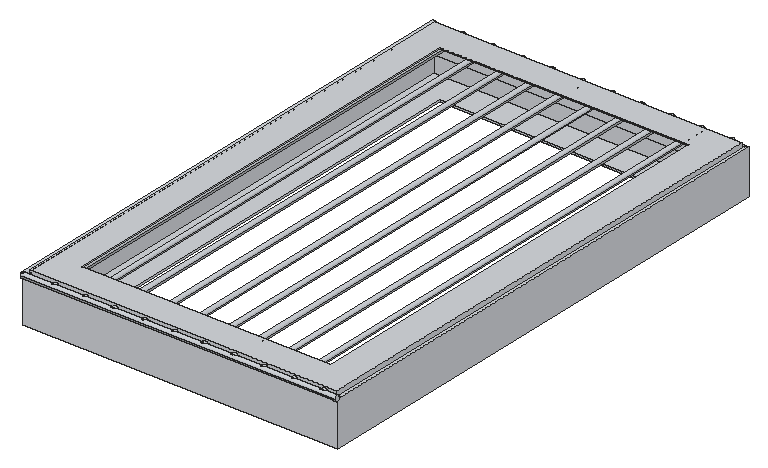
Revit family "Приямок", category Обобщенные модели, Revit 2021
Family settings
  Основа = Перекрытие
  Может служить основой для арматурных стержней = Нет
  Размер круглого соединителя = Использовать диаметр
  Тип детали = Нормальный
  Всегда вертикально = Да
  При загрузке вырезать с полостями = Да
  Общий = Нет
  Точка принадлежности помещению = Нет
Parameters (values of type "500х900х800")
  Ширина_крышки = ADSK_Размер_Ширина + 132 mm  # 632 mm
  Длина_крышки = ADSK_Размер_Длина + 132 mm  # 1032 mm
  Отметка по умолчанию = 0 mm
  ADSK_Размер_Ширина = 500 mm
  ADSK_Размер_Толщина [instance] = 300 mm
  ADSK_Размер_Длина = 900 mm
  ADSK_Размер_Высота = 800 mm
Types (3, lengths in mm): name | Ширина_крышки | Длина_крышки | ADSK_Размер_Ширина | ADSK_Размер_Длина | ADSK_Размер_Высота
  Для копирования | 1032 | 632 | 900 | 500 | 800
  500х500х500 | 632 | 632 | 500 | 500 | 500
  500х900х800 | 632 | 1032 | 500 | 900 | 800
Reference planes
  plane 1 "По центру (Вперед/Назад)": y = 0
  plane 2: z = 0
  plane 3 "По центру (Влево/Вправо)": x = 0
  plane 4: x = -316.022
  plane 5: y = 516.022
  plane 6: x = 316.022
  plane 7: y = -516.022
  plane 8 "Подошва прияка": z = -800
  plane 9: y = 450
  plane 10: y = -450
  plane 11: x = -250
  plane 12: x = 250
Forms (mm)
  Extrusion 1, void
    sketch origin (0, 0, 0) x (1, 0, 0) y (0, 1, 0)
      loop
        line (-250, 450) -> (-250, -450) -> (250, -450) -> (250, 450) -> (-250, 450)
    from -300 to -90
  Extrusion 2, void
    sketch origin (0, 0, 0) x (1, 0, 0) y (0, 1, 0)
      loop
        line (-316.022, 516.022) -> (-316.022, -516.022) -> (316.022, -516.022) -> (316.022, 516.022) -> (-316.022, 516.022)
    from -90 to 0
  Extrusion 3, void
    sketch origin (0, 0, 0) x (1, 0, 0) y (0, 1, 0)
      loop
        line (-250, 450) -> (-250, -450) -> (250, -450) -> (250, 450) -> (-250, 450)
    from -1303.504 to 0
Dimensions and locks
  "ADSK_Размер_Толщина": host floor to host floor
  "ADSK_Размер_Высота": plane 2 to plane 8 "Подошва прияка"
  locked: plane 10 to plane 7 at 66.022
  locked: plane 5 to plane 9 at 66.022
  locked: plane 4 to plane 11 at 66.022
  locked: plane 12 to plane 6 at 66.022
  "ADSK_Размер_Ширина": plane 11 to plane 12
  "ADSK_Размер_Длина": plane 9 to plane 10
  equal spacing: plane 11, plane 3 "По центру (Влево/Вправо)", plane 12
  equal spacing: plane 9, plane 1 "По центру (Вперед/Назад)", plane 10
  aligned and locked: level to plane 2
  aligned and locked: plane 2 to Extrusion 2
  aligned and locked: level to Extrusion 3
  aligned and locked: plane 3 "По центру (Влево/Вправо)" to nested 1
  aligned and locked: plane 1 "По центру (Вперед/Назад)" to nested 1
  aligned and locked: Extrusion 1 sketch curve to Extrusion 3  (x4)
  aligned and locked: plane 11 to Extrusion 3
  aligned and locked: plane 9 to Extrusion 3
  aligned and locked: plane 12 to Extrusion 3
  aligned and locked: Extrusion 2 sketch curve to plane 4
  aligned and locked: Extrusion 2 sketch curve to plane 6
  aligned and locked: Extrusion 2 sketch curve to plane 5
  aligned and locked: plane 7 to Extrusion 2 sketch curve
Automatic sketch dimensions
  Extrusion 3 sketch curve to plane 4 = 66.022 mm
  Extrusion 3 sketch curve to plane 6 = 66.022 mm
  plane 7 to Extrusion 3 sketch curve = 66.022 mm
  Extrusion 3 sketch curve to plane 5 = 66.022 mm
Nested families
  nested 1: "BRU_КрышкаПриямка1" at (0, 0, 0), type "BRU_КрышкаПриямка"
    with КоличествоСтержнейШирина 11, КоличествоСтержнейВГлубину 17, BRU_Приямок_Ширина 632 mm, BRU_Приямок_Глубина 1032 mm
Definition of nested family "BRU_КрышкаПриямка1"
  Parameters (values of type "BRU_КрышкаПриямка 500х900")
    ШагСтержней = 60 mm
    Default Elevation = 0 mm
    КоличествоСтержнейШирина = BRU_Приямок_Ширина / ШагСтержней  # 15
    КоличествоСтержнейВГлубину = BRU_Приямок_Глубина / ШагСтержней  # 8
    BRU_Приямок_Ширина = 900 mm
    BRU_Приямок_Глубина = 500 mm
  Types (2, lengths in mm): name | КоличествоСтержнейШирина | BRU_Приямок_Ширина
    BRU_КрышкаПриямка 500х500 | 8 | 500
    BRU_КрышкаПриямка 500х900 | 15 | 900
  Reference planes
    plane 1 "По центру (Вперед/Назад)": y = 0
    plane 2: z = 0
    plane 3 "По центру (Влево/Вправо)": x = 0
    plane 4: x = -450
    plane 5: x = 450
    plane 6: y = 250
    plane 7: y = -250
    plane 8: x = -450
    plane 9: x = -390
    plane 10: x = -330
    plane 11: x = -270
    plane 12: x = -210
    plane 13: x = -150
    plane 14: x = -90
    plane 15: y = -250
    plane 16: x = -30
    plane 17: x = 30
    plane 18: x = 90
    plane 19: x = 150
    plane 20: x = 210
    plane 21: x = 270
    plane 22: x = 330
    plane 23: x = 390
  Forms (mm)
    Sweep 1, solid
      path origin (0, 0, 0) x (1, 0, 0) y (0, 1, 0)
        loop
          line (-450, 250) -> (-450, -250) -> (450, -250) -> (450, 250) -> (-450, 250)
      profile origin (0, 250, 0) x (0, 1, 0) y (0, 0, 1)
        loop
          line (0, 0) -> (-3.709, 0) -> (-3.709, -86.288) -> (-66.022, -86.288) -> (-66.022, -90) -> (0, -90) -> (0, 0)
        loop
          line (-7.776, -49.476) -> (-7.776, 8.191) -> (-66.022, 8.191) -> (-66.022, 6.505) -> (-9.29, 6.505) -> (-9.29, -49.476) -> (-7.776, -49.476)
        loop
          line (-11.349, 2.661) -> (-46.349, 2.661) -> (-46.349, 0) -> (-11.349, 0) -> (-11.349, 2.661)
  Dimensions and locks
    equal spacing: plane 4, plane 3 "По центру (Влево/Вправо)", plane 5
    "BRU_Приямок_Ширина": plane 4 to plane 5
    equal spacing: plane 6, plane 1 "По центру (Вперед/Назад)", plane 7
    "BRU_Приямок_Глубина": plane 6 to plane 7
    equal spacing: group 1, group 2, group 3, group 4, group 5, group 6, group 7, group 9, group 10, group 11, group 12, group 13, group 14, group 15, group 16  (x3)
    "ШагСтержней": plane 8 to plane 9
    plane 8 to plane 5 = 900 mm
    plane 6 to plane 7 = 500 mm
    aligned and locked: level to plane 2
    aligned and locked: Sweep 1 sketch curve to plane 6
    aligned and locked: Sweep 1 sketch curve to plane 4
    aligned and locked: plane 7 to Sweep 1 sketch curve
    aligned and locked: Sweep 1 sketch curve to plane 5
    aligned and locked: nested 1 to plane 8
    aligned and locked: nested 2 to plane 9
    aligned and locked: plane 4 to plane 8
    aligned and locked: plane 1 "По центру (Вперед/Назад)" to nested 1
    aligned and locked: plane 1 "По центру (Вперед/Назад)" to nested 2
    aligned and locked: nested 3 to plane 10
    aligned and locked: nested 4 to plane 11
    aligned and locked: nested 5 to plane 12
    aligned and locked: nested 6 to plane 13
    aligned and locked: nested 7 to plane 14
    aligned and locked: plane 15 to nested 8
    aligned and locked: plane 3 "По центру (Влево/Вправо)" to nested 8
    aligned and locked: plane 7 to plane 15
    aligned and locked: nested 9 to plane 16
    aligned and locked: nested 10 to plane 17
    aligned and locked: nested 11 to plane 18
    aligned and locked: nested 12 to plane 19
    aligned and locked: nested 13 to plane 20
    aligned and locked: nested 14 to plane 21
    aligned and locked: nested 15 to plane 22
    aligned and locked: nested 16 to plane 23
  Automatic sketch dimensions
    level to Sweep 1 sketch curve = 0 mm  (x2)
    Sweep 1 sketch curve to profile plane = 0 mm
    profile plane to Sweep 1 sketch curve = 3.709 mm
    profile plane to Sweep 1 sketch curve = 7.776 mm
    Sweep 1 sketch curve to Sweep 1 sketch curve = 1.514 mm
    Sweep 1 sketch curve to Sweep 1 sketch curve = 2.058 mm
    Sweep 1 sketch curve to Sweep 1 sketch curve = 35 mm
    level to Sweep 1 sketch curve = 6.505 mm
    Sweep 1 sketch curve to Sweep 1 sketch curve = 19.673 mm
    Sweep 1 sketch curve to Sweep 1 sketch curve = 0 mm
    Sweep 1 sketch curve to level = 49.476 mm
    Sweep 1 sketch curve to Sweep 1 sketch curve = 36.812 mm
    Sweep 1 sketch curve to Sweep 1 sketch curve = 3.712 mm
    level to Sweep 1 sketch curve = 2.661 mm
    Sweep 1 sketch curve to Sweep 1 sketch curve = 1.686 mm
  Nested families
    nested 1: "Семейство1" at (-450, 0, 0), type "Горизонтальные2"
      with ДлинаСтержня 500 mm
    nested 2: "Семейство1" at (-390, 0, 0), type "Горизонтальные2"
      with ДлинаСтержня 500 mm
    nested 3: "Семейство1" at (-330, 0, 0), type "Горизонтальные2"
      with ДлинаСтержня 500 mm
    nested 4: "Семейство1" at (-270, 0, 0), type "Горизонтальные2"
      with ДлинаСтержня 500 mm
    nested 5: "Семейство1" at (-210, 0, 0), type "Горизонтальные2"
      with ДлинаСтержня 500 mm
    nested 6: "Семейство1" at (-150, 0, 0), type "Горизонтальные2"
      with ДлинаСтержня 500 mm
    nested 7: "Семейство1" at (-90, 0, 0), type "Горизонтальные2"
      with ДлинаСтержня 500 mm
    nested 8: "Семейство1" at (0, -250, 0) x (0, 1, 0) z (0, 0, 1), type "Горизонтальные1"
      with ДлинаСтержня 900 mm
    nested 9: "Семейство1" at (-30, 0, 0), type "Горизонтальные2"
      with ДлинаСтержня 500 mm
    nested 10: "Семейство1" at (30, 0, 0), type "Горизонтальные2"
      with ДлинаСтержня 500 mm
    nested 11: "Семейство1" at (90, 0, 0), type "Горизонтальные2"
      with ДлинаСтержня 500 mm
    nested 12: "Семейство1" at (150, 0, 0), type "Горизонтальные2"
      with ДлинаСтержня 500 mm
    nested 13: "Семейство1" at (210, 0, 0), type "Горизонтальные2"
      with ДлинаСтержня 500 mm
    nested 14: "Семейство1" at (270, 0, 0), type "Горизонтальные2"
      with ДлинаСтержня 500 mm
    nested 15: "Семейство1" at (330, 0, 0), type "Горизонтальные2"
      with ДлинаСтержня 500 mm
    nested 16: "Семейство1" at (390, 0, 0), type "Горизонтальные2"
      with ДлинаСтержня 500 mm
  Definition of nested family "Семейство1"
    Parameters
      Default Elevation = 0 mm
      ДлинаСтержня = 3680 mm
    Reference planes
      plane 1 "По центру (Вперед/Назад)": y = 0
      plane 2: z = 0
      plane 3 "По центру (Влево/Вправо)": x = 0
      plane 4: y = 1840
      plane 5: y = -1840
    Forms (mm)
      Extrusion 1, solid
        sketch origin (0, 0, 0) x (1, 0, 0) y (0, 0, 1)
          loop
            circle (0, 0) r 5
        from -1840 to 1840
    Dimensions and locks
      equal spacing: plane 5, plane 1 "По центру (Вперед/Назад)", plane 4
      "ДлинаСтержня": plane 4 to plane 5
      aligned and locked: level to plane 2
      aligned and locked: plane 4 to Extrusion 1
      aligned and locked: Extrusion 1 to plane 5
    Automatic sketch dimensions
      Extrusion 1 sketch curve to level = 0 mm
      Extrusion 1 sketch curve to plane 3 "По центру (Влево/Вправо)" = 0 mm
      radius of Extrusion 1 sketch curve = 5 mm
